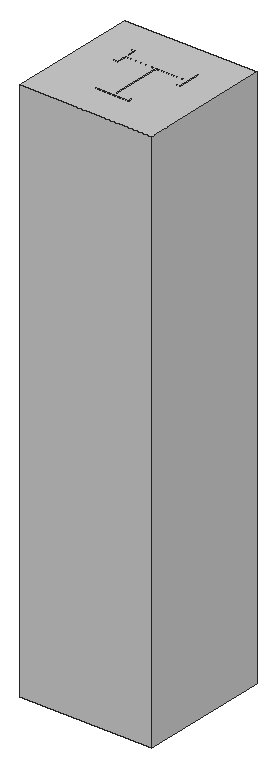
Revit family "SRC - T - Coluna", category Pilares estruturais, Revit 2019
Family settings
  Exibir em vistas ocultas = Arestas ocultadas por outros membros
  Forma do corte = Não definido
  Material para o comportamento do modelo = Concreto
  Exportar sempre como geometria = Não
  Redução da viga na planta = Da caixa de vinculação
  Corte com vazios quando carregada = Não
  Representação simbólica = Das configurações de projeto
  Compartilhado = Não
  Exibir o pré-corte da família na vista da planta = Sim
Parameters (values of type "Padrão")
  Structural Material [instance] = Concreto - Moldado in loco
  Deslocamento = 0 mm
  hc [instance] = 600 mm
  bc [instance] = 600 mm
  bf1 = 150 mm
  bf2 = 100 mm
  Deslocamento do topo do concreto [instance] = 0 mm
  Material da coluna de aço [instance] = Metal - Aço 345 MPa
  Assembly Code = ""
  A = 0.00 m²
  W = 0
  d2 = 300 mm
  d1 = 300 mm
  k = 28 mm
  kr = k - tf  # 13 mm
  tf = 15 mm
  tw = 10 mm
Reference planes
  plane 1 "Centro (Frente/Trás)": y = 0
  plane 2: z = 0
  plane 3 "Centro (Esquerda/Direita)": x = 0
  plane 4: x = -150
  plane 5: x = 150
  plane 6: y = 105
  plane 7: y = -150
  plane 8: z = 2500
  plane 9: y = 150
  plane 10: y = 50
  plane 11: x = -75
  plane 12: x = 75
  plane 13: y = 100
  plane 14: y = 95
  plane 15: x = 0
Forms (mm)
  Extrusion 1, solid, material "Metal - Aço 345 MPa" <- "Material da coluna de aço", detail levels medium
    sketch origin (0, 0, 0) x (1, 0, 0) y (0, 1, 0)
      loop
        line (-135, 105) -> (-135, 150) -> (-150, 150) -> (-150, 50) -> (-135, 50) -> (-135, 95) -> (-5, 95) -> (-5, -135) -> (-75, -135) -> (-75, -150) -> (75, -150) -> (75, -135) -> (5, -135) -> (5, 95) -> (135, 95) -> (135, 50) -> (150, 50) -> (150, 150) -> (135, 150) -> (135, 105) -> (-135, 105)
    from 0 to 2500
  Extrusion 2, solid, material "Metal - Aço 345 MPa" <- "Material da coluna de aço", detail levels fine
    sketch origin (0, 0, 0) x (1, 0, 0) y (0, 1, 0)
      loop
        arc (-122, 105) -> (-131.192, 108.808) -> (-135, 118) r 13
        line (-135, 118) -> (-135, 150) -> (-150, 150) -> (-150, 50) -> (-135, 50) -> (-135, 82)
        arc (-135, 82) -> (-131.192, 91.192) -> (-122, 95) r 13
        line (-122, 95) -> (-18, 95)
        arc (-18, 95) -> (-8.808, 91.192) -> (-5, 82) r 13
        line (-5, 82) -> (-5, -122)
        arc (-5, -122) -> (-8.808, -131.192) -> (-18, -135) r 13
        line (-18, -135) -> (-75, -135) -> (-75, -150) -> (75, -150) -> (75, -135) -> (18, -135)
        arc (18, -135) -> (8.808, -131.192) -> (5, -122) r 13
        line (5, -122) -> (5, 82)
        arc (5, 82) -> (8.808, 91.192) -> (18, 95) r 13
        line (18, 95) -> (122, 95)
        arc (122, 95) -> (131.192, 91.192) -> (135, 82) r 13
        line (135, 82) -> (135, 50) -> (150, 50) -> (150, 150) -> (135, 150) -> (135, 118)
        arc (135, 118) -> (131.192, 108.808) -> (122, 105) r 13
        line (122, 105) -> (-122, 105)
    from 0 to 2500
  Sweep 3, solid, material "Concreto - Moldado in loco" <- "Structural Material", detail levels medium+fine
    path origin (0, 0, 0) x (1, 0, 0) y (0, 0, 1)
      loop
        line (0, 0) -> (0, 2500)
    profile "M_Viga retangular-Perfil : M_Viga retangular-Perfil" origin (0, 0, 1250) x (-1, 0, 0) y (0, -1, 0)
      loop
        line (-300, -300) -> (300, -300) -> (300, 300) -> (-300, 300) -> (-300, -300)
Lines and regions (mm)
  symbolic lines, style "StructuralColumnStickSymbols", detail levels coarse
    curve 1: line (-150, 100, 0) -> (150, 100, 0)
    curve 2: line (-75, -150, 0) -> (75, -150, 0)
    curve 3: line (0, 100, 0) -> (0, -150, 0)
    curve 4: line (-300, 300, 0) -> (300, 300, 0)
    curve 5: line (-300, -300, 0) -> (-300, 300, 0)
    curve 6: line (300, -300, 0) -> (-300, -300, 0)
    curve 7: line (300, 300, 0) -> (300, -300, 0)
    curve 8: line (-150, 150, 0) -> (-150, 50, 0)
    curve 9: line (150, 150, 0) -> (150, 50, 0)
Dimensions and locks
  equal spacing: plane 4, plane 3 "Centro (Esquerda/Direita)", plane 5
  "d2": plane 4 to plane 5
  "tf": plane 7 to Extrusion 1 sketch curve
  locked: Extrusion 1 sketch curve to plane 6 at 10
  "tw": Extrusion 1 sketch curve to Extrusion 1 sketch curve
  "Deslocamento do topo do concreto": level to plane 8
  equal spacing: plane 14, plane 13, plane 6
  "tw": plane 6 to plane 14
  equal spacing: plane 9, plane 13, plane 10
  "bf2": plane 9 to plane 10
  "tf": Extrusion 1 to Extrusion 2 sketch curve
  "tf": Extrusion 2 sketch curve to Extrusion 2 sketch curve  (x3)
  "bf1": plane 11 to plane 12
  "tf": Extrusion 1 sketch curve to Extrusion 1 sketch curve  (x4)
  "d1": plane 9 to plane 7
  equal spacing: plane 9, plane 1 "Centro (Frente/Trás)", plane 7
  equal spacing: plane 11, plane 15, plane 12
  equal spacing: Extrusion 1 sketch curve, plane 15, Extrusion 1 sketch curve
  "Deslocamento": plane 3 "Centro (Esquerda/Direita)" to plane 15
  "kr": radius of Extrusion 2 sketch curve  (x8)
  aligned and locked: plane 6 to Extrusion 1 sketch curve
  aligned and locked: Extrusion 1 sketch curve to plane 7
  aligned and locked: Extrusion 1 sketch curve to Extrusion 1 sketch curve  (x2)
  aligned and locked: level to Extrusion 1
  aligned and locked: level to plane 2
  aligned and locked: Extrusion 1 to plane 2
  aligned and locked: plane 6 to Extrusion 2 sketch curve
  aligned and locked: Extrusion 2 sketch curve to Extrusion 1  (x6)
  aligned and locked: Extrusion 2 sketch curve to plane 7
  aligned and locked: level to Extrusion 2
  aligned and locked: Extrusion 2 to level
  aligned and locked: level to Sweep 3 sketch curve
  aligned and locked: plane 8 to Sweep 3 sketch curve
  aligned and locked: plane 3 "Centro (Esquerda/Direita)" to Sweep 3 sketch curve
  aligned and locked: curve 4 to Sweep 3
  aligned and locked: curve 5 to Sweep 3
  aligned and locked: curve 6 to Sweep 3
  aligned and locked: curve 7 to Sweep 3
  aligned and locked: plane 4 to Extrusion 2 sketch curve
  aligned and locked: plane 5 to Extrusion 2 sketch curve
  aligned and locked: plane 4 to Extrusion 1 sketch curve
  aligned and locked: plane 5 to Extrusion 1 sketch curve
  aligned and locked: plane 9 to Extrusion 2 sketch curve
  aligned and locked: Extrusion 2 sketch curve to plane 9
  aligned and locked: Extrusion 2 sketch curve to plane 10
  aligned and locked: plane 10 to Extrusion 2 sketch curve
  aligned and locked: plane 11 to Extrusion 1 sketch curve
  aligned and locked: Extrusion 1 sketch curve to plane 12
  aligned and locked: plane 11 to Extrusion 2 sketch curve
  aligned and locked: Extrusion 2 sketch curve to plane 12
  aligned and locked: plane 9 to Extrusion 1 sketch curve
  aligned and locked: Extrusion 1 sketch curve to plane 9
  aligned and locked: Extrusion 1 sketch curve to plane 10
  aligned and locked: plane 10 to Extrusion 1 sketch curve
  aligned and locked: plane 11 to curve 2
  aligned and locked: plane 12 to curve 2
  aligned and locked: curve 1 to plane 13
  aligned and locked: plane 4 to curve 1
  aligned and locked: plane 5 to curve 1
  aligned and locked: plane 4 to curve 8
  aligned and locked: plane 5 to curve 9
  aligned and locked: plane 9 to curve 8
  aligned and locked: plane 9 to curve 9
  aligned and locked: plane 10 to curve 8
  aligned and locked: plane 10 to curve 9
  aligned and locked: curve 3 to plane 15
Automatic sketch dimensions
  Extrusion 2 sketch curve to plane 7 = 15 mm
  plane 7 to curve 3 = 0 mm
